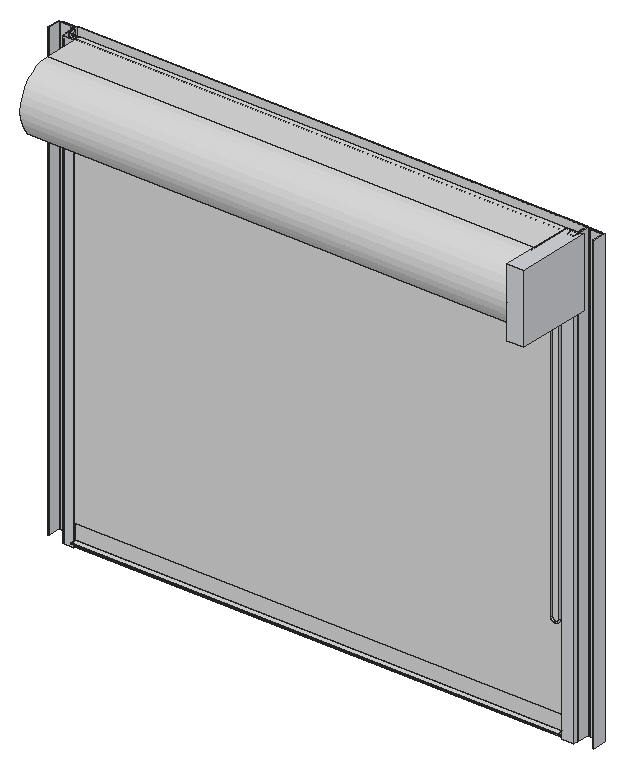
Revit family
Parameters (values of type "Hand-Chain Operated Aluminum, clear anodized finish")
  Spec Wizard = "http://www.clopaydoor.com/Quick-Specs-Wizard.aspx"
  Sizing Disclaimer = "30’ wide, 30’ high standard construction. Large Openings to 38’ wide, 40’ high consult factory. "  # constant formula
  Sales Information = "http://www.clopaydoor.com/where-to-buy.aspx?type=dealer&stype=commercial"
  Product Options = "Insulated Doors muffle unwanted sound. STC 27"  # constant formula
  Product Features and Benefits = "http://www.clopaydoor.com/sliding-applications.aspx"
  Mounting = "Between Jambs"  # constant formula
  Motor Operator = no
  Manufacturer Website = "http://www.clopaydoor.com"
  Manufacturer Phone Number = "1-800-526-4301"  # constant formula
  Manufacturer Address = "1400 W. Market St., Troy, OH 45373"  # constant formula
  Function = (empty or 0)
  File Revision = "00 (Feb, 2011)"  # constant formula
  Curtain 3" slats filled w. 7/8" insulation = Aluminum, clear anodized finish (curtain only)
  Hand Chain = yes
  CAD and Specifications = "http://www.clopaydoor.com/sliding-specs.aspx"
  Bottom Bar = Aluminum, clear anodized finish (non curtain components)
  Guides = Aluminum, clear anodized finish (non curtain components)
  Hood = Aluminum, clear anodized finish (non curtain components)
  URL = "http://www.clopaydoor.com"
  Subcategory = "Roll Up"  # constant formula
  Optional aluminum, color anodized finish = no
  Wall Construction = "Masonry, Steel or Wood"  # constant formula
  Operator = Operator : Hand-Chain
  Operator Width = (Width - 2 * 0' 3 1/4")  # 11' - 5 1/2"
  Operation = ""
  From Coil Side Operate on Right = yes
  From Coil Side Operate on Left = not(From Coil Side Operate on Right)  # no
  Model = "CESD20 "  # constant formula
  Manufacturer = "Clopay Building Products Company"  # constant formula
  Height = 10' - 0"
  Wall Closure = (empty or 0)
  Width = 12' - 0"
  Description = "Built to order insulated rolling doors maintain different temperatures on each side of the door. "  # constant formula
  Operator Height = Height / 1.5  # 6' - 8"
  Assembly Code = "B2030410"
  95 CSI = "08330"  # constant formula
  Windload = "A full range of specific wind load requirements available- Consult Clopay. "  # constant formula
  Sound Transmission Class Rating = "STC 27, based on a complete, operable door assembly"  # constant formula
  Optional Powder Coated Finish, standard RAL colors, Galv. Steel and Aluminum only = no
  Coil Dimension Note = "17” to 30” -  Consult Clopay when dimensions are critical."  # constant formula
  Jamb Dimension Note = "7 3/4” to 11” wide. Consult Clopay when dimensions are critical."  # constant formula
  04 CSI = "08 33 00"  # constant formula
  Cost Note = "Based on size, materials selected. Consult Clopay."  # constant formula
Types (8): name | Motor Operator | Curtain 3" slats filled w. 7/8" insulation | Hand Chain | Bottom Bar | Guides | Hood | Operator
  Hand-Chain Operated Galvanized Steel | no | Galvanized steel (curtain only) | yes | Aluminum, mill finish (non curtain components) | Galvanized or powder coated plain steel (non curtain components) | Galvanized or powder coated plain steel (non curtain components) | Operator : Hand-Chain
  Hand-Chain Operated Stainless steel | no | Stainless steel (curtain only) | yes | Aluminum, mill finish (non curtain components) | Stainless steel (non curtain components) | Stainless steel (non curtain components) | Operator : Hand-Chain
  Motor Operated Galvanized Steel | yes | Galvanized steel (curtain only) | no | Aluminum, mill finish (non curtain components) | Galvanized or powder coated plain steel (non curtain components) | Galvanized or powder coated plain steel (non curtain components) | Operator : Motor Operator
  Motor Operated Stainless Steel | yes | Stainless steel (curtain only) | no | Aluminum, mill finish (non curtain components) | Stainless steel (non curtain components) | Stainless steel (non curtain components) | Operator : Motor Operator
  Hand-Chain Operated Aluminum, mill finish | no | Aluminum, mill finish (curtain only) | yes | Aluminum, mill finish (non curtain components) | Aluminum, mill finish (non curtain components) | Aluminum, mill finish (non curtain components) | Operator : Hand-Chain
  Hand-Chain Operated Aluminum, clear anodized finish | no | Aluminum, clear anodized finish (curtain only) | yes | Aluminum, clear anodized finish (non curtain components) | Aluminum, clear anodized finish (non curtain components) | Aluminum, clear anodized finish (non curtain components) | Operator : Hand-Chain
  Motor Operated Aluminum, clear anodized finish | yes | Aluminum, clear anodized finish (curtain only) | no | Aluminum, clear anodized finish (non curtain components) | Aluminum, clear anodized finish (non curtain components) | Aluminum, clear anodized finish (non curtain components) | Operator : Motor Operator
  Motor Operated Aluminum, mill finish | yes | Aluminum, mill finish (curtain only) | no | Aluminum, mill finish (non curtain components) | Aluminum, mill finish (non curtain components) | Aluminum, mill finish (non curtain components) | Operator : Motor Operator
Reference planes (in)
  plane 1 "Center (Front/Back)": y = 0
  plane 2 "Center (Left/Right)": x = 36
  plane 3 "Left": x = -36
  plane 4 "Right": x = 108
  plane 5 "Top": z = 120
  plane 6 "Wall Edge": y = -3
  plane 7 "Left Edge of Hood": x = -42.75
  plane 8: y = -3
  plane 9 "Right Edge of Hood": x = 114.75
  plane 10 "Bottom Bar Alignment": y = -4.8765
  plane 11: y = -2.12013
  plane 12: x = -29.74865
  plane 13: x = 101.74865
  plane 14: x = -31.0625
  plane 15: z = 5.53516
  plane 16: x = 105.75
  plane 17: y = -10.65733
  plane 18: y = -18.31465
  plane 19: z = 102
  plane 20: x = -39
  plane 21: y = -32.25
  plane 22: y = -20.875
  plane 23: y = -1.12488
  plane 24: z = 102
  plane 25: y = -5.5
Forms (in)
  Sweep 1, solid, material "Aluminum, clear anodized finish (non curtain components)" <- "Hood"
    path origin (0, -3, -11) x (-1, 0, 0) y (0, 0, 1)
      loop
        line (-100.25, 124.35156) -> (28.25, 124.35156)
    profile "Profile_Hood : Profile_Hood" origin (36, -3, 113.35156) x (0, 0, 1) y (0, 1, 0)
      loop
        line (6.64844, -8.875) -> (6.64844, 1.875) -> (-11.35156, 1.875) -> (-11.35156, -8.875)
        arc (-11.35156, -8.875) -> (-2.35156, -17.875) -> (6.64844, -8.875) r 9
  Sweep 2, solid, material "Aluminum, clear anodized finish (non curtain components)" <- "Bottom Bar"
    path origin (-37.26514, -3, 47.99916) x (-1, 0, 0) y (0, 0, 1)
      loop
        line (-137.51514, -48) -> (-9.01514, -48)
    profile "Profile_BottomBar : Profile_BottomBar" origin (36, -3, -0.00084) x (0, 0, 1) y (0, 1, 0)
      loop
        line (1.84214, 1.28791) -> (1.60324, 2.77486)
        arc (1.60324, 2.77486) -> (1.57787, 2.80943) -> (1.535, 2.80903) r 0.047
        line (1.535, 2.80903) -> (1.535, 2.61332) -> (1.75124, 1.26741) -> (0.453, 1.26741)
        arc (0.453, 1.26741) -> (0, 0.81441) -> (0.453, 0.36141) r 0.453
        line (0.453, 0.36141) -> (1.629, 0.36141) -> (1.629, -1.04659)
        arc (1.629, -1.04659) -> (1.61992, -1.06851) -> (1.598, -1.07759) r 0.031
        line (1.598, -1.07759) -> (1.566, -1.07759)
        arc (1.566, -1.07759) -> (1.54408, -1.08667) -> (1.535, -1.10859) r 0.031
        line (1.535, -1.10859) -> (1.535, -1.17009)
        arc (1.535, -1.17009) -> (1.54877, -1.20333) -> (1.582, -1.21709) r 0.047
        line (1.582, -1.21709) -> (1.676, -1.21709)
        arc (1.676, -1.21709) -> (1.70923, -1.20333) -> (1.723, -1.17009) r 0.047
        line (1.723, -1.17009) -> (1.723, 0.34491) -> (5.536, 0.34491) -> (5.536, 1.28791) -> (1.84214, 1.28791)
  Extrusion 3, solid, material "Aluminum, clear anodized finish (non curtain components)" <- "Hood"
    sketch origin (0, -0.73439, 101.99245) x (1, 0, 0) y (0, 1, 0)
      loop
        line (-31.0625, 2.48439) -> (103.063, 2.48439) -> (103.063, 2.60939) -> (-31.0625, 2.60939) -> (-31.0625, 2.48439)
    from 0.00755 to 18.00755
  Extrusion 4, solid, material "Aluminum, clear anodized finish (curtain only)" <- "Curtain 3" slats filled w. 7/8" insulation"
    sketch origin (0, 0, 0) x (1, 0, 0) y (0, 1, 0)
      loop
        line (-29.74865, -1.875) -> (-29.74865, -2.5) -> (101.74865, -2.5) -> (101.74865, -1.875) -> (-29.74865, -1.875)
    from 0 to 120
Lines and regions (in)
  Opening 1
    outline origin (-90, -3, 0) x (1, 0, 0) y (0, 0, 1)
      loop
        line (54, 0) -> (198, 0) -> (198, 120) -> (54, 120) -> (54, 0)
  symbolic lines, style "Roller Chamber"
    curve 1: line (-28.25, -3, 0) -> (-36, -3, 0)
    curve 2: line (108, -3, 0) -> (100.25, -3, 0)
Text (in)
  text "Exterior" at (-74.96733, 27.31104, 0), in view "Ref. Level"
  text "Interior" at (-74.96733, -25.14366, 0), in view "Ref. Level"
  text "Exterior" at (0, 40.15149, 123.01588), in view "Right"
  text "Interior" at (0, -64.39139, 123.01588), in view "Right"
  text "Interior" at (0, -63.63426, 123.00693), in view "Left"
  text "Exterior" at (0, 54.57065, 123.00693), in view "Left"
Dimensions and locks (in)
  equal spacing: plane 3 "Left", plane 2 "Center (Left/Right)", plane 4 "Right"
  "Height": level to plane 5 "Top"
  "Width": plane 3 "Left" to plane 4 "Right"
  locked: plane 7 "Left Edge of Hood" to plane 3 "Left" at 6.75
  locked: plane 8 to plane 6 "Wall Edge"
  locked: plane 9 "Right Edge of Hood" to plane 4 "Right" at 6.75
  locked: plane 10 "Bottom Bar Alignment" to plane 8 at 1.8765
  locked: plane 11 to host wall at 2.12013
  locked: plane 3 "Left" to plane 12 at 6.25135
  locked: plane 13 to plane 4 "Right" at 6.25135
  locked: Extrusion 3 sketch curve to Extrusion 3 sketch curve at 0.125
  locked: Extrusion 3 to Extrusion 3 at 0.125
  locked: plane 14 to plane 12 at 1.31385
  locked: level to plane 15 at 5.53516
  Sweep 1 to plane 16 to plane 4 "Right" = 0' - 5 1/2", 0' - 2 1/4"
  equal spacing: plane 6 "Wall Edge", plane 17, plane 18
  locked: plane 8 to plane 18 at 15.31465
  plane 20 to plane 3 "Left" to Sweep 1 = 0' - 3", 0' - 7 3/4"
  plane 14 to Extrusion 4 sketch curve = 0' - 1.31385"
  locked: Extrusion 4 sketch curve to Extrusion 4 sketch curve at 0.625
  locked: plane 22 to plane 21 at 11.375
  locked: host wall to plane 22 at 17.875
  locked: plane 5 "Top" to plane 24 at 18
  plane 24 to level = 8' - 6"
  locked: Extrusion 4 sketch curve to nested 2 at 0.5
  locked: plane 19 to plane 5 "Top" at 18
  aligned and locked: plane 3 "Left" to Opening 1 sketch curve
  aligned and locked: plane 5 "Top" to Opening 1 sketch curve  (x2)
  aligned and locked: Opening 1 sketch curve to plane 4 "Right"
  aligned and locked: Opening 1 sketch curve to level
  aligned and locked: plane 6 "Wall Edge" to host wall
  aligned and locked: plane 8 to nested 1
  aligned and locked: plane 8 to nested 2
  aligned and locked: nested 2 to Sweep 2 sketch curve
  aligned and locked: nested 1 to Sweep 2 sketch curve
  aligned and locked: plane 3 "Left" to curve 1
  aligned and locked: Sweep 1 to curve 1
  aligned and locked: plane 6 "Wall Edge" to curve 1
  aligned and locked: plane 4 "Right" to curve 2
  aligned and locked: curve 2 to plane 6 "Wall Edge"
  aligned and locked: plane 19 to Extrusion 3
  aligned and locked: Extrusion 3 to plane 5 "Top"
  aligned and locked: Sweep 1 to curve 2
  aligned and locked: nested 1 to plane 3 "Left"
  aligned and locked: nested 2 to plane 4 "Right"
  aligned and locked: plane 15 to Sweep 2
  aligned and locked: Extrusion 4 to plane 13
  aligned and locked: plane 12 to Extrusion 4
  aligned and locked: nested 1 to Sweep 1 sketch curve
  aligned and locked: nested 2 to Sweep 1 sketch curve
  aligned and locked: nested 3 to plane 24
  aligned and locked: plane 14 to Extrusion 3
  aligned and locked: nested 2 to Extrusion 3
  aligned and locked: Extrusion 4 to level
  aligned and locked: Extrusion 4 to plane 5 "Top"
  aligned and locked: nested 3 to plane 22
  aligned and locked: Extrusion 3 sketch curve to nested 2
Automatic sketch dimensions
  Sweep 1 sketch curve to plane 19 = 0' - 11 45/128"
  Sweep 2 sketch curve to level = 0' - 0.00084"
  Extrusion 3 sketch curve to plane 14 = 0' - 0"
  plane 13 to Extrusion 3 sketch curve = 0' - 1.31435"
  Extrusion 4 sketch curve to plane 13 = 0' - 0"
Nested families (in)
  nested 1: "Jamb_Guide-Wall" at (-33.75, 1.5, 0), type "Guide"
  nested 2: "Jamb_Guide-Wall" at (105.75, 1.5, 0) x (-1, 0, 0) z (0, 0, 1), type "Guide"
  nested 3: "Operator" at (36, -1.125, 31.50391), type <- "Operator", type "Hand-Chain"
Definition of nested family "Jamb_Guide-Wall"
  Parameters (values of type "Guide")
    Height = 10' - 0"
    Guide = Aluminum, mill finish (non curtain components)
    Assembly Code = ""
  Reference planes (in)
    plane 1 "Center (Front/Back)": y = 0
    plane 2: z = 0
    plane 3 "Center (Left/Right)": x = 0.0625
    plane 4: z = 120
    plane 5 "Center Line": x = 2.3125
    plane 6: y = -0.25
    plane 7: x = 5.5
    plane 8: x = -2.25
    plane 9: y = 0.25
    plane 10: y = -4.5
    plane 11: y = -2.25
  Forms (in)
    Extrusion 1, solid, material "Aluminum, mill finish (non curtain components)" <- "Guide"
      sketch origin (-14.10276, 14.79848, 0) x (1, 0, 0) y (0, 1, 0)
        loop
          line (12.10276, -18.17348) -> (12.10276, -15.17348)
          arc (12.10276, -15.17348) -> (12.13937, -15.08509) -> (12.22776, -15.04848) r 0.125
          line (12.22776, -15.04848) -> (15.22776, -15.04848)
          arc (15.22776, -15.04848) -> (15.31614, -15.01187) -> (15.35276, -14.92348) r 0.125
          line (15.35276, -14.92348) -> (15.35276, -14.79848) -> (11.85276, -14.79848) -> (11.85276, -18.29848) -> (11.97776, -18.29848)
          arc (11.97776, -18.29848) -> (12.06614, -18.26187) -> (12.10276, -18.17348) r 0.125
      from 0 to 120
    Extrusion 2, solid, material "Aluminum, mill finish (non curtain components)" <- "Guide"
      sketch origin (-14.10276, 14.79848, 0) x (1, 0, 0) y (0, 1, 0)
        loop
          line (13.03976, -14.79848) -> (16.03976, -14.79848)
          arc (16.03976, -14.79848) -> (16.12814, -14.83509) -> (16.16476, -14.92348) r 0.125
          line (16.16476, -14.92348) -> (16.16476, -17.92348)
          arc (16.16476, -17.92348) -> (16.20137, -18.01187) -> (16.28976, -18.04848) r 0.125
          line (16.28976, -18.04848) -> (16.41476, -18.04848) -> (16.41476, -14.54848) -> (12.91476, -14.54848) -> (12.91476, -14.67348)
          arc (12.91476, -14.67348) -> (12.95137, -14.76187) -> (13.03976, -14.79848) r 0.125
      from 0 to 120
    Extrusion 3, solid, material "Aluminum, mill finish (non curtain components)" <- "Guide"
      sketch origin (0, 0, 0) x (1, 0, 0) y (0, 1, 0)
        loop
          line (2.4995, -2.9375) -> (5.4995, -2.9375) -> (5.4995, -2.84375)
          arc (5.4995, -2.84375) -> (5.47204, -2.77746) -> (5.40575, -2.75) r 0.09375
          line (5.40575, -2.75) -> (2.78075, -2.75)
          arc (2.78075, -2.75) -> (2.71446, -2.72254) -> (2.687, -2.65625) r 0.09375
          line (2.687, -2.65625) -> (2.687, -1.03125)
          arc (2.687, -1.03125) -> (2.65954, -0.96496) -> (2.59325, -0.9375) r 0.09375
          line (2.59325, -0.9375) -> (2.4995, -0.9375) -> (2.4995, -2.9375)
      from 0 to 120
    Extrusion 4, solid, material "Aluminum, mill finish (non curtain components)" <- "Guide"
      sketch origin (0, 0, 0) x (1, 0, 0) y (0, 1, 0)
        loop
          line (5.21825, -4.3125) -> (2.59325, -4.3125)
          arc (2.59325, -4.3125) -> (2.52696, -4.28504) -> (2.4995, -4.21875) r 0.09375
          line (2.4995, -4.21875) -> (2.4995, -1.59375)
          arc (2.4995, -1.59375) -> (2.47204, -1.52746) -> (2.40575, -1.5) r 0.09375
          line (2.40575, -1.5) -> (2.312, -1.5) -> (2.312, -4.5) -> (5.312, -4.5) -> (5.312, -4.40625)
          arc (5.312, -4.40625) -> (5.28454, -4.33996) -> (5.21825, -4.3125) r 0.09375
      from 0 to 120
  Dimensions and locks (in)
    "Height": plane 4 to plane 2
    aligned and locked: plane 2 to level
    aligned and locked: Extrusion 1 to level
    aligned and locked: plane 4 to Extrusion 1
    aligned and locked: plane 4 to Extrusion 2
    aligned and locked: Extrusion 2 to level
    aligned and locked: Extrusion 3 to level
    aligned and locked: plane 4 to Extrusion 3
    aligned and locked: Extrusion 4 to level
    aligned and locked: plane 4 to Extrusion 4
  Automatic sketch dimensions
    Extrusion 1 sketch curve to plane 7 = 0' - 7 3/4"
    Extrusion 1 sketch curve to Extrusion 1 sketch curve = 0' - 0 1/8"  (x4)
    Extrusion 1 sketch curve to Extrusion 1 sketch curve = 0' - 0 1/4"
    Extrusion 1 sketch curve to Extrusion 1 sketch curve = 0' - 3"  (x2)
    plane 10 to Extrusion 1 sketch curve = 0' - 1"
    Extrusion 2 sketch curve to plane 9 = 0' - 0"
    Extrusion 2 sketch curve to plane 1 "Center (Front/Back)" = 0' - 0"
    plane 8 to Extrusion 2 sketch curve = 0' - 1.062"
    Extrusion 2 sketch curve to Extrusion 2 sketch curve = 0' - 0 1/8"  (x3)
    Extrusion 2 sketch curve to plane 5 "Center Line" = 0' - 0.3755"
    plane 5 "Center Line" to Extrusion 3 sketch curve = 0' - 0.187"
    Extrusion 3 sketch curve to Extrusion 3 sketch curve = 0' - 0 3/32"  (x4)
    Extrusion 3 sketch curve to plane 7 = 0' - 0.09425"
    Extrusion 3 sketch curve to plane 7 = 0' - 0.0005"
    Extrusion 3 sketch curve to plane 11 = 0' - 0 11/16"
    Extrusion 3 sketch curve to plane 6 = 0' - 0 25/32"
    Extrusion 2 sketch curve to plane 5 "Center Line" = 0' - 0.0005"
    Extrusion 2 sketch curve to plane 11 = 0' - 0 7/8"
    Extrusion 4 sketch curve to plane 10 = 0' - 0"
    Extrusion 4 sketch curve to plane 5 "Center Line" = 0' - 0.0005"
    plane 5 "Center Line" to Extrusion 4 sketch curve = 0' - 0.09325"
    plane 5 "Center Line" to Extrusion 4 sketch curve = 0' - 0.187"
    Extrusion 4 sketch curve to Extrusion 4 sketch curve = 0' - 0 3/32"  (x2)
    Extrusion 4 sketch curve to plane 7 = 0' - 0.28175"
    plane 10 to Extrusion 4 sketch curve = 0' - 0 3/32"
    plane 11 to Extrusion 4 sketch curve = 0' - 0 21/32"
Definition of nested family "Operator"
  Parameters (values of type "Motor Operator")
    Width = 11' - 5 1/2"
    Straight = no
    Right Visibility = yes
    Operator Height = 6' - 8"
    Motor Visibility = not(Motor)  # no
    Motor = yes
    Material = Stainless steel (non curtain components)
    Left Visibility = no
    Chain = no
    Bottom Bar = Aluminum, mill finish (non curtain components)
    Assembly Code = ""
  Types (2): name | Straight | Motor Visibility | Motor | Chain
    Hand-Chain | yes | yes | no | yes
    Motor Operator | no | no | yes | no
  Reference planes (in)
    plane 1 "Center (Front/Back)": y = 0
    plane 2: z = 0
    plane 3 "Center (Left/Right)": x = 0
    plane 4: x = 68.75
    plane 5: x = -68.75
    plane 6: x = 64.25
    plane 7: x = -64.25
    plane 8: y = -18
  Lines and regions (in)
    symbolic lines, style "GenericModelHiddenLines", visible <- "Right Visibility"
      curve 1: line (-64.25, -19.75, 0) -> (43.25, -19.75, 0)
    symbolic lines, style "GenericModelHiddenLines", visible <- "Left Visibility"
      curve 2: line (-43.25, -19.75, 0) -> (64.25, -19.75, 0)
    symbolic lines, style "GenericModelHiddenLines", visible <- "Straight"
      curve 3: line (-64.25, -19.75, 0) -> (64.25, -19.75, 0)
    symbolic lines, style "GenericModelHiddenLines", visible <- "Motor Visibility"
      curve 4: line (-64.25, -19.75, 0) -> (64.25, -19.75, 0)
    symbolic lines, style "GenericModelHiddenLines"
      curve 5: line (-64.25, -19.75, 0) -> (-64.25, -1.875, 0)
      curve 6: line (64.25, -19.75, 0) -> (64.25, -1.875, 0)
  Dimensions and locks (in)
    equal spacing: plane 5, plane 3 "Center (Left/Right)", plane 4
    "Width": plane 5 to plane 4
    locked: plane 6 to plane 4 at 4.5
    locked: plane 5 to plane 7 at 4.5
    locked: plane 1 "Center (Front/Back)" to plane 8 at 18
    locked: curve 5 to plane 1 "Center (Front/Back)" at 1.875
    locked: curve 6 to plane 1 "Center (Front/Back)" at 1.875
    aligned and locked: nested 3 to plane 8
    aligned and locked: nested 1 to plane 6
    aligned and locked: nested 3 to plane 7
    aligned and locked: plane 6 to curve 4
    aligned and locked: curve 5 to plane 7
    aligned and locked: plane 6 to nested 1
    aligned and locked: nested 2 to plane 6
    aligned and locked: plane 7 to nested 3
  Automatic sketch dimensions
    curve 2 to plane 7 = 1' - 9"
    curve 1 to plane 6 = 1' - 9"
    curve 6 to plane 8 = 0' - 1 3/4"
  Nested families (in)
    nested 1: "Pull-Down-Pole" at (70.125, -8.5, 0), visible <- "Right Visibility", type "Right Operator"
    nested 2: "Motor" at (43.25, -18, 0), visible <- "Right Visibility", type "Motor"
    nested 3: "Motor" at (-64.25, -18, 0), visible <- "Left Visibility", type "Motor 2"
    nested 4: "Pull-Down-Pole" at (-73.375, -8.5, 0) x (-1, 0, 0) z (0, 0, 1), visible <- "Left Visibility", type "Left Operator"
  Definition of nested family "Pull-Down-Pole"
    Parameters (values of type "Left Operator")
      Motor = yes
      Material = Stainless steel (non curtain components)
      Height = 6' - 8"
      Chain = no
      Bottom Bar = Aluminum, mill finish (non curtain components)
      Assembly Code = ""
    Types (2): name
      Left Operator
      Right Operator
    Reference planes (in)
      plane 1 "Center (Front/Back)": y = 0
      plane 2: z = 0
      plane 3 "Center (Left/Right)": x = 0
      plane 4: z = 80
      plane 5: x = -26.875
    Forms (in)
      Sweep 1, solid, material "Stainless steel (non curtain components)" <- "Material", visible <- "Chain"
        path origin (0, 2, 0) x (1, 0, 0) y (0, 0, 1)
          loop
            line (-4.875, 80) -> (-4.875, 0)
            arc (-4.875, 0) -> (-3.75, -1.125) -> (-2.625, 0) r 1.125
            line (-2.625, 0) -> (-2.625, 80)
        profile origin (-4.875, 2, 40) x (0, -1, 0) y (1, 0, 0)
          loop
            circle (0, 0) r 0.15023
      Extrusion 2, solid, material "Stainless steel (non curtain components)" <- "Material", visible <- "Chain"
        sketch origin (54.75, -180, 26.95339) x (0, 0, 1) y (0, -1, 0)
          loop
            line (43.54661, -188.5) -> (61.54661, -188.5) -> (61.54661, -168.75) -> (43.54661, -168.75) -> (43.54661, -188.5)
        from -56.125 to -60.625
      Extrusion 3, solid, material "Stainless steel (non curtain components)" <- "Material", visible <- "Motor"
        sketch origin (0, -1.75, 0) x (1, 0, 0) y (0, 0, 1)
          loop
            line (-26.875, 88.49609) -> (-26.875, 70.49609) -> (-5.875, 70.49609) -> (-5.875, 88.49609) -> (-26.875, 88.49609)
        from 9.5 to 20.875
    Dimensions and locks (in)
      "Height": plane 4 to level
      locked: plane 3 "Center (Left/Right)" to Extrusion 2 at 1.375
      locked: Extrusion 3 sketch curve to Extrusion 3 sketch curve at 21
      Extrusion 3 sketch curve to Extrusion 3 sketch curve = 1' - 6"
      aligned and locked: level to Sweep 1 sketch curve
      aligned and locked: plane 4 to Sweep 1 sketch curve  (x2)
    Automatic sketch dimensions
      Sweep 1 sketch curve to plane 3 "Center (Left/Right)" = 0' - 4 7/8"
      Sweep 1 sketch curve to Sweep 1 sketch curve = 0' - 1 1/8"
      Sweep 1 sketch curve to profile plane = 0' - 0"  (x2)
      Extrusion 2 sketch curve to plane 4 = 0' - 9 1/2"
      plane 4 to Extrusion 2 sketch curve = 0' - 8 1/2"
      Extrusion 2 sketch curve to plane 1 "Center (Front/Back)" = 0' - 8 1/2"
      Extrusion 3 sketch curve to plane 5 = 0' - 0"
      Extrusion 3 sketch curve to plane 4 = 0' - 9 129/256"
      plane 1 "Center (Front/Back)" to Extrusion 2 sketch curve = 0' - 11 1/4"
      radius of Sweep 1 sketch curve = 0' - 0.15023"
  Definition of nested family "Motor"
    Parameters (values of type "Motor 2")
      Motor = yes
      Assembly Code = ""
    Types (2): name
      Motor 2
      Motor
    Reference planes (in)
      plane 1 "Center (Front/Back)": y = 0
      plane 2: z = 0
      plane 3 "Center (Left/Right)": x = 0
    Lines and regions (in)
      symbolic lines, style "GenericModelHiddenLines", visible <- "Motor"
        curve 1: line (0, -1.75, 0) -> (0, -11.375, 0)
        curve 2: line (0, -11.375, 0) -> (21, -11.375, 0)
        curve 3: line (21, -11.375, 0) -> (21, -1.75, 0)
    Dimensions and locks (in)
      aligned: curve 1 to plane 3 "Center (Left/Right)"
